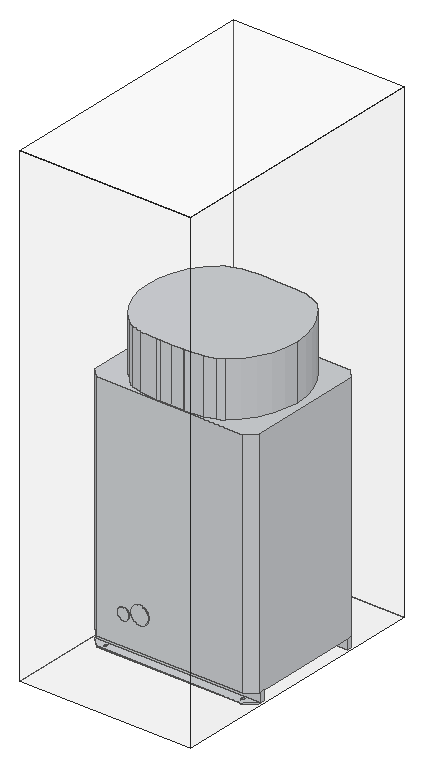
Revit family "puhy-p224_1400dmg7_60Hz", category 機械設備, Revit 2019
Family settings
  丸型コネクタ寸法 = 直径を使用
  パーツ タイプ = 標準
  OmniClass 番号 = 23.75.10.24.21.27.27
  OmniClass タイトル = Split System Air Conditioning Units
  作業面ベース = いいえ
  常に垂直 = はい
  ロード時にボイドで切り取り = いいえ
  共有 = いいえ
  部屋計算ポイント = いいえ
Parameters (values of type "PUHY-P224DMG7_タイプA")
  風量（m3／min） = 165
  風量 = MAX風量  # 9900.0 m³/h
  音響パワーレベル(dB) = 76.5
  電源種別 = ""
  電源位置2Y（ユニット3） = 121 mm
  電源位置2Y（ユニット2） = 121 mm
  電源位置2Y（ユニット1） = 121 mm
  電源位置2X（ユニット3） = 177 mm
  電源位置2X（ユニット2） = 177 mm
  電源位置2X（ユニット1） = 177 mm
  電源位置1Z（ユニット3） = 217 mm
  電源位置1Z（ユニット2） = 217 mm
  電源位置1Z（ユニット1） = 217 mm
  電源位置1X（ユニット3） = 201 mm
  電源位置1X（ユニット2） = 201 mm
  電源位置1X（ユニット1） = 201 mm
  電圧 = 200 V
  電動機出力_送風機 = 0.35 kW
  電動機出力_圧縮機 = 5.24 kW
  集中コントローラ [instance] = ""
  運転質量 = 0.00 kg
  運転方法 = "冷暖切替"
  質量 = if(製品質量 > 運転質量, 製品質量, 運転質量) * 1.2  # 202.80 kg
  負荷分類 = 1_熱源類
  説明 = "ビル用マルチエアコン　Y GR高効率シリーズ　室外機"
  設計暖房能力 [instance] = 0 kW
  設計冷房能力_顕熱 [instance] = 0 kW
  設計冷房能力 [instance] = 0 kW
  設置方法 = "床置形"
  記号 [instance] = ""
  製造元 = "三菱電機株式会社"
  製品質量 = 169.00 kg
  製品出荷対象 = "国内"
  製品リリース年月 = "2020/7/22"
  製品グループ = ""
  系統 [instance] = ""
  符号 = "EHP"
  積算_科目 = "1 空気調和設備"
  積算_拾い区分 [instance] = ""
  相 = 3
  盤記号 [instance] = ""
  発停方法 = "付属スイッチ"
  特殊仕様 [instance] = ""
  消費電力_暖房 = 6.4 kW
  消費電力_冷房 = 6.46 kW
  消費電力 = if(消費電力_冷房 > 消費電力_暖房, 消費電力_冷房, 消費電力_暖房)  # 6.46 kW
  法定耐用年数 = "15"
  極数 = 3
  材質 [instance] = ""
  本体マテリアル = none
  最小電線太さ_mm2 = 8
  最大電流値 = 0 A
  暖房能力 = 25 kW
  推奨ブレーカー容量 = 100 A
  据付ピッチ1 = 0 mm
  形式 = "マルチパッケージ形 室外機"
  幹線記号 [instance] = ""
  始動方式 = ""
  呼称 = "マルチパッケージ形空気調和機"
  周波数 = 60 Hz
  参照している仕様書等のバージョン = "公共建築工事標準仕様書（機械設備工事編）平成31年度版"
  分類コード = "50053003300020"
  分類グループ = ""
  冷房能力 = 22.4 kW
  冷媒管（液）位置2 (ユニット3) = 147 mm
  冷媒管（液）位置2 (ユニット2) = 147 mm
  冷媒管（液）位置1 (ユニット3） = 251 mm
  冷媒管（ガス）位置2 (ユニット3) = 137 mm
  冷媒管（ガス）位置2 (ユニット2) = 137 mm
  冷媒管（ガス）位置1 (ユニット3) = 83 mm
  冷媒管（ガス）位置1 (ユニット1) = 83 mm
  冷媒管（液）位置1 (ユニット1) = 251 mm
  冷媒管（液）位置2 (ユニット1) = 147 mm
  冷媒管（ガス）位置2 (ユニット1) = 137 mm
  冷媒管（ガス）位置1 (ユニット2) = 83 mm
  冷媒管（液）位置1 (ユニット2） = 251 mm
  冷媒管長 [instance] = 0 mm
  冷媒管径符号 = "Be"
  冷媒管径3 = 100.00 mm
  冷媒管径2 = 100.00 mm
  冷媒管径 = 100.00 mm
  冷媒管位置3 (ユニット3) = 242 mm
  冷媒管位置3 (ユニット2) = 242 mm
  冷媒管位置3 (ユニット1) = 242 mm
  冷媒管位置2 (ユニット3) = 142 mm
  冷媒管位置2 (ユニット2) = 142 mm
  冷媒管位置1 (ユニット2) = 292.5 mm
  冷媒管位置2 (ユニット1) = 142 mm
  冷媒管位置1 (ユニット3) = 292.5 mm
  冷媒管位置1 (ユニット1) = 292.5 mm
  冷媒液管径3 = 9.52 mm
  冷媒液管径2 = 9.52 mm
  冷媒液管径 = 9.52 mm
  冷媒ガス管径3 = 19.05 mm
  冷媒ガス管径2 = 19.05 mm
  冷媒ガス管径 = 19.05 mm
  企業コード = "108420"
  付属品 [instance] = ""
  仕様書バージョン = "Version1.0"
  ユニット隙間 = if(サービススペース_タイプA, 30 mm, 100 mm)  # 30 mm
  ユニット数 = 1
  ユニットタイプ3 = 筐体モジュール（高効率） : 224筐体
  ユニットタイプ2 = 筐体モジュール（高効率） : 224筐体
  ユニットタイプ1 = 筐体モジュール（高効率） : 224筐体
  ユニット3_S = no
  ユニット3_L = no
  ユニット3 = no
  ユニット2_S = no
  ユニット2_L = no
  ユニット2 = no
  ユニット1_S = no
  ユニット1_L = no
  モデル = "PUHY-P224DMG7"
  ドレン管径 = 0.00 mm
  サービススペース_タイプA = yes
  サービススペース = yes
  コメント [instance] = ""
  ケーブル種類 = ""
  ケーブルサイズ = 0 mm
  アンカーボルト位置Y（ユニット3） = 681 mm
  アンカーボルト位置Y（ユニット2） = 681 mm
  アンカーボルト位置Y（ユニット1） = 681 mm
  アンカーボルト位置X（ユニット3） = 760 mm
  アンカーボルト位置X（ユニット2） = 760 mm
  アンカーボルト位置X（ユニット1） = 760 mm
  Width3 = 920 mm
  Width2 = 920 mm
  Width1 = 920 mm
  Width = if(ユニット3, Width1 + Width2 + Width3 + 2 * ユニット隙間, if(ユニット2, Width1 + Width2 + 1 * ユニット隙間, Width1))  # 920 mm
  Version = ""
  Uniclass2015Version = "Systems v1.9"
  Uniclass2015Title = "Split coil remote air cooled condensing units"
  Uniclass2015Code = "Pr_70_65_03_84"
  URL = "https://www.mitsubishielectric.co.jp/ldg/wink/ssl/displayProduct.do?pid=307651"
  SpecificationReference = ""
  SpecificationDescription = ""
  Revision = ""
  ProductInformation = ""
  OmniClassCode = "23-75 10 24 21 27 27"
  MAX風量 = 風量（m3／min） * 60.0 m³/h  # 9900.0 m³/h
  IfcTypeProduct = ""
  IfcProduct = ""
  IfcExportType = "AIRCONDITIONINGUNIT"
  IfcExportAs = "IfcUnitaryEquipmentType"
  Height = 1650 mm
  Depth = 740 mm
  Clearance Top [instance] = if(サービススペース_タイプA, 1000 mm, 1000 mm)  # 1000 mm
  Clearance Right [instance] = if(サービススペース_タイプA, 15 mm, 50 mm)  # 15 mm
  Clearance Left [instance] = if(サービススペース_タイプA, 15 mm, 50 mm)  # 15 mm
  Clearance Front [instance] = if(サービススペース_タイプA, 450 mm, 450 mm)  # 450 mm
  Clearance Back [instance] = if(サービススペース_タイプA, 300 mm, 100 mm)  # 300 mm
  COP = 0
  Author = "三菱電機株式会社"
  APF = 5.5
Reference planes
  plane 1 "中心(正面/背面)": y = 0
  plane 2: z = 0
  plane 3 "中心(左/右)": x = 2230
  plane 4 "右": x = 2690
  plane 5 "左": x = 1770
  plane 6 "背面": y = 370
  plane 7 "正面": y = -370
  plane 8: z = 1347
  plane 9 "上部": z = 1650
  plane 10 "Clearanse Top": z = 2650
  plane 11: x = 162.5
  plane 12 "冷媒操作弁ガス芯2": y = -228
  plane 13 "冷媒操作弁液芯2": y = -228
  plane 14 "SS_back": y = 670
  plane 15 "SS_front": y = -820
  plane 16 "SS_left": x = 1755
  plane 17 "SS_right": x = 2705
  plane 18: x = 790
  plane 19: x = 820
  plane 20: x = 1740
  plane 21: x = 1770
  plane 22: x = -130
  plane 23: x = 1112.5
  plane 24: x = 2062.5
  plane 25: x = 330
  plane 26: x = 1280
  plane 27: x = 2230
  plane 28: z = 53
  plane 29: z = 242
  plane 30: y = -228
  plane 31: z = 54
  plane 32: z = 242
  plane 33: z = 242
  plane 34: x = 1947
  plane 35: x = 997
  plane 36: x = 47
  plane 37: x = 71
  plane 38: x = 1021
  plane 39: x = 1971
  plane 40: y = -249
  plane 41: y = -249
  plane 42: y = -249
  plane 43: z = 217
  plane 44: z = 217
  plane 45: z = 217
Forms (mm)
  Extrusion 1, solid, detail levels fine
    sketch origin (0, -370, 0) x (1, 0, 0) y (0, 0, 1)
      loop
        circle (2062.5, 242) r 50
    from 0 to 1
  Extrusion 2, solid, visible <- "ユニット2", detail levels fine
    sketch origin (0, -370, 0) x (1, 0, 0) y (0, 0, 1)
      loop
        circle (1112.5, 242) r 50
    from 0 to 1
  Extrusion 3, solid, visible <- "ユニット3", detail levels fine
    sketch origin (0, -370, 0) x (1, 0, 0) y (0, 0, 1)
      loop
        circle (162.5, 242) r 50
    from 0 to 1
  Extrusion 4, solid, detail levels fine
    sketch origin (-1437.329, -1524, 54) x (-1, 0, 0) y (0, -1, 0)
      loop
        circle (-3499.829, -1296) r 50
    from 0 to -1
  Extrusion 5, solid, visible <- "ユニット2", detail levels fine
    sketch origin (-1437.329, -1524, 54) x (-1, 0, 0) y (0, -1, 0)
      loop
        circle (-2549.829, -1296) r 50
    from 0 to -1
  Extrusion 6, solid, visible <- "ユニット3", detail levels fine
    sketch origin (-1437.329, -1524, 54) x (-1, 0, 0) y (0, -1, 0)
      loop
        circle (-1599.829, -1296) r 50
    from 0 to -1
  Extrusion 7, solid, detail levels fine
    sketch origin (-1437.329, -1524, 54) x (-1, 0, 0) y (0, -1, 0)
      loop
        circle (-3384.329, -1275) r 32.5
    from -1 to 0
  Extrusion 8, solid, visible <- "ユニット2", detail levels fine
    sketch origin (-1437.329, -1524, 54) x (-1, 0, 0) y (0, -1, 0)
      loop
        circle (-2434.329, -1275) r 32.5
    from -1 to 0
  Extrusion 9, solid, visible <- "ユニット3", detail levels fine
    sketch origin (-1437.329, -1524, 54) x (-1, 0, 0) y (0, -1, 0)
      loop
        circle (-1484.329, -1275) r 32.5
    from -1 to 0
  Extrusion 10, solid, detail levels fine
    sketch origin (0, -370, 0) x (1, 0, 0) y (0, 0, 1)
      loop
        circle (1971, 217) r 32.5
    from 0 to 1
  Extrusion 11, solid, visible <- "ユニット2", detail levels fine
    sketch origin (0, -370, 0) x (1, 0, 0) y (0, 0, 1)
      loop
        circle (1021, 217) r 32.5
    from 0 to 1
  Extrusion 12, solid, visible <- "ユニット3", detail levels fine
    sketch origin (0, -370, 0) x (1, 0, 0) y (0, 0, 1)
      loop
        circle (71, 217) r 32.5
    from 0 to 1
Lines and regions (mm)
  model lines, not visible
    curve 1: line (460, 178.667, 1289.179) -> (460, 297.73, 1289.179)
    curve 2: line (460, 178.667, 1056.056) -> (460, 178.667, 1289.179)
    curve 3: line (460, 297.73, 1056.056) -> (460, 178.667, 1056.056)
    curve 4: line (460, 297.73, 1289.179) -> (460, 297.73, 1056.056)
    curve 5: line (460, 47.598, 1289.179) -> (460, 166.661, 1289.179)
    curve 6: line (460, 47.598, 1056.056) -> (460, 47.598, 1289.179)
    curve 7: line (460, 166.661, 1056.056) -> (460, 47.598, 1056.056)
    curve 8: line (460, 166.661, 1289.179) -> (460, 166.661, 1056.056)
    curve 9: line (460, -83.471, 1289.179) -> (460, 35.592, 1289.179)
    curve 10: line (460, -83.471, 1056.056) -> (460, -83.471, 1289.179)
    curve 11: line (460, 35.592, 1056.056) -> (460, -83.471, 1056.056)
    curve 12: line (460, 35.592, 1289.179) -> (460, 35.592, 1056.056)
    curve 13: line (460, -150.779, 1289.179) -> (460, -95.75, 1289.179)
    curve 14: line (460, -150.779, 1056.056) -> (460, -150.779, 1289.179)
    curve 15: line (460, -95.75, 1056.056) -> (460, -150.779, 1056.056)
    curve 16: line (460, -95.75, 1289.179) -> (460, -95.75, 1056.056)
    curve 17: line (460, -150.779, 1283.175) -> (460, -132.596, 1283.175)
    curve 18: line (460, -150.779, 1062.059) -> (460, -150.779, 1283.175)
    curve 19: line (460, -132.596, 1062.059) -> (460, -150.779, 1062.059)
    curve 20: line (460, -132.596, 1283.175) -> (460, -132.596, 1062.059)
    curve 21: line (460, 178.667, 1046.051) -> (460, 297.73, 1046.051)
    curve 22: line (460, 178.667, 812.928) -> (460, 178.667, 1046.051)
    curve 23: line (460, 297.73, 812.928) -> (460, 178.667, 812.928)
    curve 24: line (460, 297.73, 1046.051) -> (460, 297.73, 812.928)
    curve 25: line (460, 47.598, 1046.051) -> (460, 166.661, 1046.051)
    curve 26: line (460, 47.598, 812.928) -> (460, 47.598, 1046.051)
    curve 27: line (460, 166.661, 812.928) -> (460, 47.598, 812.928)
    curve 28: line (460, 166.661, 1046.051) -> (460, 166.661, 812.928)
    curve 29: line (460, -83.471, 1046.051) -> (460, 35.592, 1046.051)
    curve 30: line (460, -83.471, 812.928) -> (460, -83.471, 1046.051)
    curve 31: line (460, 35.592, 812.928) -> (460, -83.471, 812.928)
    curve 32: line (460, 35.592, 1046.051) -> (460, 35.592, 812.928)
    curve 33: line (460, -150.779, 1046.051) -> (460, -95.75, 1046.051)
    curve 34: line (460, -150.779, 812.928) -> (460, -150.779, 1046.051)
    curve 35: line (460, -95.75, 812.928) -> (460, -150.779, 812.928)
    curve 36: line (460, -95.75, 1046.051) -> (460, -95.75, 812.928)
    curve 37: line (460, -150.779, 1040.048) -> (460, -132.596, 1040.048)
    curve 38: line (460, -150.779, 818.931) -> (460, -150.779, 1040.048)
    curve 39: line (460, -132.596, 818.931) -> (460, -150.779, 818.931)
    curve 40: line (460, -132.596, 1040.048) -> (460, -132.596, 818.931)
    curve 41: line (460, 178.667, 802.923) -> (460, 297.73, 802.923)
    curve 42: line (460, 178.667, 569.8) -> (460, 178.667, 802.923)
    curve 43: line (460, 297.73, 569.8) -> (460, 178.667, 569.8)
    curve 44: line (460, 297.73, 802.923) -> (460, 297.73, 569.8)
    curve 45: line (460, 47.598, 802.923) -> (460, 166.661, 802.923)
    curve 46: line (460, 47.598, 569.8) -> (460, 47.598, 802.923)
    curve 47: line (460, 166.661, 569.8) -> (460, 47.598, 569.8)
    curve 48: line (460, 166.661, 802.923) -> (460, 166.661, 569.8)
    curve 49: line (460, -83.471, 802.923) -> (460, 35.592, 802.923)
    curve 50: line (460, -83.471, 569.8) -> (460, -83.471, 802.923)
    curve 51: line (460, 35.592, 569.8) -> (460, -83.471, 569.8)
    curve 52: line (460, 35.592, 802.923) -> (460, 35.592, 569.8)
    curve 53: line (460, -150.779, 802.923) -> (460, -95.75, 802.923)
    curve 54: line (460, -150.779, 569.8) -> (460, -150.779, 802.923)
    curve 55: line (460, -95.75, 569.8) -> (460, -150.779, 569.8)
    curve 56: line (460, -95.75, 802.923) -> (460, -95.75, 569.8)
    curve 57: line (460, -150.779, 796.92) -> (460, -132.596, 796.92)
    curve 58: line (460, -150.779, 575.803) -> (460, -150.779, 796.92)
    curve 59: line (460, -132.596, 575.803) -> (460, -150.779, 575.803)
    curve 60: line (460, -132.596, 796.92) -> (460, -132.596, 575.803)
    curve 61: line (460, 178.667, 559.795) -> (460, 297.73, 559.795)
    curve 62: line (460, 178.667, 326.672) -> (460, 178.667, 559.795)
    curve 63: line (460, 297.73, 326.672) -> (460, 178.667, 326.672)
    curve 64: line (460, 297.73, 559.795) -> (460, 297.73, 326.672)
    curve 65: line (460, 47.598, 559.795) -> (460, 166.661, 559.795)
    curve 66: line (460, 47.598, 326.672) -> (460, 47.598, 559.795)
    curve 67: line (460, 166.661, 326.672) -> (460, 47.598, 326.672)
    curve 68: line (460, 166.661, 559.795) -> (460, 166.661, 326.672)
    curve 69: line (460, -83.471, 559.795) -> (460, 35.592, 559.795)
    curve 70: line (460, -83.471, 326.672) -> (460, -83.471, 559.795)
    curve 71: line (460, 35.592, 326.672) -> (460, -83.471, 326.672)
    curve 72: line (460, 35.592, 559.795) -> (460, 35.592, 326.672)
    curve 73: line (460, -150.779, 559.795) -> (460, -95.75, 559.795)
    curve 74: line (460, -150.779, 326.672) -> (460, -150.779, 559.795)
    curve 75: line (460, -95.75, 326.672) -> (460, -150.779, 326.672)
    curve 76: line (460, -95.75, 559.795) -> (460, -95.75, 326.672)
    curve 77: line (460, -150.779, 553.792) -> (460, -132.596, 553.792)
    curve 78: line (460, -150.779, 332.675) -> (460, -150.779, 553.792)
    curve 79: line (460, -132.596, 332.675) -> (460, -150.779, 332.675)
    curve 80: line (460, -132.596, 553.792) -> (460, -132.596, 332.675)
    curve 81: line (460, 178.667, 316.667) -> (460, 297.73, 316.667)
    curve 82: line (460, 178.667, 83.544) -> (460, 178.667, 316.667)
    curve 83: line (460, 297.73, 83.544) -> (460, 178.667, 83.544)
    curve 84: line (460, 297.73, 316.667) -> (460, 297.73, 83.544)
    curve 85: line (460, 47.598, 316.667) -> (460, 166.661, 316.667)
    curve 86: line (460, 47.598, 83.544) -> (460, 47.598, 316.667)
    curve 87: line (460, 166.661, 83.544) -> (460, 47.598, 83.544)
    curve 88: line (460, 166.661, 316.667) -> (460, 166.661, 83.544)
    curve 89: line (460, -83.471, 316.667) -> (460, 35.592, 316.667)
    curve 90: line (460, -83.471, 83.544) -> (460, -83.471, 316.667)
    curve 91: line (460, 35.592, 83.544) -> (460, -83.471, 83.544)
    curve 92: line (460, 35.592, 316.667) -> (460, 35.592, 83.544)
    curve 93: line (460, -150.779, 316.667) -> (460, -95.75, 316.667)
    curve 94: line (460, -150.779, 83.544) -> (460, -150.779, 316.667)
    curve 95: line (460, -95.75, 83.544) -> (460, -150.779, 83.544)
    curve 96: line (460, -95.75, 316.667) -> (460, -95.75, 83.544)
    curve 97: line (460, -150.779, 310.664) -> (460, -132.596, 310.664)
    curve 98: line (460, -150.779, 89.547) -> (460, -150.779, 310.664)
    curve 99: line (460, -132.596, 89.547) -> (460, -150.779, 89.547)
    curve 100: line (460, -132.596, 310.664) -> (460, -132.596, 89.547)
Dimensions and locks
  plane 8 to level = 1347 mm
  equal spacing: plane 7 "正面", plane 1 "中心(正面/背面)", plane 6 "背面", locked at 370 each
  "Depth": plane 7 "正面" to plane 6 "背面"
  "Width": plane 5 "左" to plane 4 "右"
  equal spacing: plane 5 "左", plane 3 "中心(左/右)", plane 4 "右"
  "冷媒管位置2 (ユニット3)": plane 7 "正面" to plane 13 "冷媒操作弁液芯2"
  "冷媒管位置2 (ユニット2)": plane 7 "正面" to plane 12 "冷媒操作弁ガス芯2"
  "Clearance Left": plane 16 "SS_left" to plane 5 "左"
  "Clearance Right": plane 4 "右" to plane 17 "SS_right"
  "Clearance Back": plane 6 "背面" to plane 14 "SS_back"
  "Clearance Front": plane 15 "SS_front" to plane 7 "正面"
  "Clearance Top": plane 10 "Clearanse Top" to plane 9 "上部"
  "Height": plane 9 "上部" to plane 2
  plane 9 "上部" to plane 8 = 303 mm
  "ユニット隙間": plane 18 to plane 19
  "Width2": plane 19 to plane 20
  "ユニット隙間": plane 20 to plane 21
  "Width3": plane 22 to plane 18
  "Width1": plane 21 to plane 4 "右"
  "冷媒管位置1 (ユニット2)": plane 19 to plane 23
  "冷媒管位置1 (ユニット1)": plane 21 to plane 24
  "冷媒管位置1 (ユニット3)": plane 22 to plane 11
  equal spacing: plane 22, plane 25, plane 18
  equal spacing: plane 19, plane 26, plane 20
  equal spacing: plane 21, plane 27, plane 4 "右"
  "冷媒管位置2 (ユニット1)": plane 7 "正面" to plane 30
  plane 31 to level = 54 mm
  "冷媒管位置3 (ユニット1)": plane 29 to level
  locked: plane 31 to plane 28 at 1
  "冷媒管位置3 (ユニット2)": plane 32 to level
  "冷媒管位置3 (ユニット3)": plane 33 to level
  "電源位置2X（ユニット3）": plane 22 to plane 36
  "電源位置2X（ユニット2）": plane 19 to plane 35
  "電源位置2X（ユニット1）": plane 21 to plane 34
  "電源位置2Y（ユニット1）": plane 7 "正面" to plane 40
  "電源位置2Y（ユニット2）": plane 7 "正面" to plane 41
  "電源位置2Y（ユニット3）": plane 7 "正面" to plane 42
  "電源位置1X（ユニット1）": plane 39 to plane 21
  "電源位置1X（ユニット2）": plane 38 to plane 19
  "電源位置1X（ユニット3）": plane 37 to plane 22
  "電源位置1Z（ユニット1）": plane 45 to level
  "電源位置1Z（ユニット2）": plane 44 to level
  "電源位置1Z（ユニット3）": plane 43 to level
  "冷媒管径": diameter of Extrusion 1 sketch curve
  "冷媒管径2": diameter of Extrusion 2 sketch curve
  "冷媒管径3": diameter of Extrusion 3 sketch curve
  "冷媒管径": diameter of Extrusion 4 sketch curve
  "冷媒管径2": diameter of Extrusion 5 sketch curve
  "冷媒管径3": diameter of Extrusion 6 sketch curve
  radius of Extrusion 7 sketch curve = 32.5 mm
  radius of Extrusion 8 sketch curve = 32.5 mm
  radius of Extrusion 9 sketch curve = 32.5 mm
  radius of Extrusion 10 sketch curve = 32.5 mm
  radius of Extrusion 11 sketch curve = 32.5 mm
  radius of Extrusion 12 sketch curve = 32.5 mm
  aligned and locked: level to plane 2
  aligned and locked: plane 14 "SS_back" to nested 1  (x2)
  aligned and locked: plane 17 "SS_right" to nested 1
  aligned and locked: plane 16 "SS_left" to nested 1  (x2)
  aligned and locked: nested 1 to plane 17 "SS_right"
  aligned and locked: plane 15 "SS_front" to nested 1
  aligned and locked: plane 1 "中心(正面/背面)" to nested 2
  aligned and locked: plane 10 "Clearanse Top" to nested 1
  aligned and locked: nested 1 to plane 2
  aligned and locked: plane 6 "背面" to nested 4
  aligned and locked: plane 7 "正面" to nested 4
  aligned and locked: plane 25 to nested 2
  aligned and locked: plane 26 to nested 3
  aligned and locked: plane 27 to nested 4
  aligned and locked: plane 1 "中心(正面/背面)" to nested 4
  aligned and locked: plane 1 "中心(正面/背面)" to nested 3
  aligned and locked: plane 29 to Extrusion 1 sketch curve
  aligned and locked: plane 24 to Extrusion 1 sketch curve
  aligned and locked: plane 23 to Extrusion 2 sketch curve
  aligned and locked: plane 11 to Extrusion 3 sketch curve
  aligned and locked: plane 30 to Extrusion 4 sketch curve
  aligned and locked: plane 24 to Extrusion 4 sketch curve
  aligned and locked: plane 12 "冷媒操作弁ガス芯2" to Extrusion 5 sketch curve
  aligned and locked: plane 23 to Extrusion 5 sketch curve
  aligned and locked: plane 13 "冷媒操作弁液芯2" to Extrusion 6 sketch curve
  aligned and locked: plane 11 to Extrusion 6 sketch curve
  aligned and locked: plane 32 to Extrusion 2 sketch curve
  aligned and locked: plane 33 to Extrusion 3 sketch curve
  aligned and locked: plane 40 to Extrusion 7 sketch curve
  aligned and locked: plane 34 to Extrusion 7 sketch curve
  aligned and locked: plane 41 to Extrusion 8 sketch curve
  aligned and locked: plane 35 to Extrusion 8 sketch curve
  aligned and locked: plane 36 to Extrusion 9 sketch curve
  aligned and locked: plane 42 to Extrusion 9 sketch curve
  aligned and locked: plane 31 to Extrusion 9
  aligned and locked: Extrusion 9 to plane 28
  aligned and locked: plane 31 to Extrusion 8
  aligned and locked: Extrusion 8 to plane 28
  aligned and locked: plane 31 to Extrusion 7
  aligned and locked: Extrusion 7 to plane 28
  aligned and locked: plane 45 to Extrusion 10 sketch curve
  aligned and locked: plane 39 to Extrusion 10 sketch curve
  aligned and locked: plane 44 to Extrusion 11 sketch curve
  aligned and locked: plane 38 to Extrusion 11 sketch curve
  aligned and locked: plane 43 to Extrusion 12 sketch curve
  aligned and locked: plane 37 to Extrusion 12 sketch curve
  aligned and locked: Extrusion 10 to plane 7 "正面"
  aligned and locked: Extrusion 10 to Extrusion 1
  aligned and locked: Extrusion 11 to plane 7 "正面"
  aligned and locked: Extrusion 11 to Extrusion 2
  aligned and locked: Extrusion 12 to plane 7 "正面"
  aligned and locked: Extrusion 12 to Extrusion 3
Nested families
  nested 1: "サービススペース" at (2230, -75, 1325), visible <- "サービススペース", type "サービススペース"
    with Width 950 mm, Height 2650 mm, Depth 1490 mm
  nested 2: "筐体モジュール（高効率）" at (330, 0, 0), 冷媒ガス管径 <- "冷媒ガス管径3", 冷媒液管径 <- "冷媒液管径3", Width <- "Width3", Depth <- "Depth", Height <- "Height", type <- "ユニットタイプ3", 冷媒ガス_X <- "冷媒管（ガス）位置1 (ユニット3)", 冷媒ガス_Y <- "冷媒管（ガス）位置2 (ユニット3)", 冷媒液_X <- "冷媒管（液）位置1 (ユニット3）", 冷媒液_Y <- "冷媒管（液）位置2 (ユニット3)", 冷媒管径 <- "冷媒管径3", 冷媒管径_X <- "冷媒管位置1 (ユニット3)", 冷媒管径_Y <- "冷媒管位置2 (ユニット3)", 冷媒管径_Z <- "冷媒管位置3 (ユニット3)", ユニット234X <- "ユニット3", ユニット2 <- "ユニット3", type "224筐体"
    with 冷媒管径_Z 242 mm, 冷媒管径_Y 142 mm, 冷媒管径_X 292.5 mm, 冷媒管径 100 mm, 冷媒液管径 9.52 mm, 冷媒液_Z 123 mm, 冷媒液_Y 147 mm, 冷媒液_X 251 mm, 冷媒ガス管径 19.05 mm, 冷媒ガス_Z 172 mm, 冷媒ガス_Y 137 mm, 冷媒ガス_X 83 mm, ユニット234X no, ユニット2 no, Width 920 mm, Height 1650 mm, Depth 740 mm
  nested 3: "筐体モジュール（高効率）" at (1280, 0, 0), 冷媒ガス管径 <- "冷媒ガス管径2", 冷媒液管径 <- "冷媒液管径2", Width <- "Width2", Depth <- "Depth", Height <- "Height", type <- "ユニットタイプ2", 冷媒ガス_X <- "冷媒管（ガス）位置1 (ユニット2)", 冷媒ガス_Y <- "冷媒管（ガス）位置2 (ユニット2)", 冷媒液_X <- "冷媒管（液）位置1 (ユニット2）", 冷媒液_Y <- "冷媒管（液）位置2 (ユニット2)", 冷媒管径 <- "冷媒管径2", 冷媒管径_X <- "冷媒管位置1 (ユニット2)", 冷媒管径_Y <- "冷媒管位置2 (ユニット2)", 冷媒管径_Z <- "冷媒管位置3 (ユニット2)", ユニット2 <- "ユニット2", type "224筐体"
    with 冷媒管径_Z 242 mm, 冷媒管径_Y 142 mm, 冷媒管径_X 292.5 mm, 冷媒管径 100 mm, 冷媒液管径 9.52 mm, 冷媒液_Z 262 mm, 冷媒液_Y 147 mm, 冷媒液_X 251 mm, 冷媒ガス管径 19.05 mm, 冷媒ガス_Z 222 mm, 冷媒ガス_Y 137 mm, 冷媒ガス_X 83 mm, ユニット234X no, ユニット2 no, Width 920 mm, Height 1650 mm, Depth 740 mm
  nested 4: "筐体モジュール（高効率）" at (2230, 0, 0), 冷媒ガス管径 <- "冷媒ガス管径", 冷媒液管径 <- "冷媒液管径", Depth <- "Depth", Height <- "Height", Width <- "Width1", type <- "ユニットタイプ1", 冷媒ガス_X <- "冷媒管（ガス）位置1 (ユニット1)", 冷媒ガス_Y <- "冷媒管（ガス）位置2 (ユニット1)", 冷媒液_X <- "冷媒管（液）位置1 (ユニット1)", 冷媒液_Y <- "冷媒管（液）位置2 (ユニット1)", 冷媒管径 <- "冷媒管径", 冷媒管径_X <- "冷媒管位置1 (ユニット1)", 冷媒管径_Y <- "冷媒管位置2 (ユニット1)", 冷媒管径_Z <- "冷媒管位置3 (ユニット1)", type "224筐体"
    with 冷媒管径_Z 242 mm, 冷媒管径_Y 142 mm, 冷媒管径_X 292.5 mm, 冷媒管径 100 mm, 冷媒液管径 9.52 mm, 冷媒液_Z 262 mm, 冷媒液_Y 147 mm, 冷媒液_X 251 mm, 冷媒ガス管径 19.05 mm, 冷媒ガス_Z 222 mm, 冷媒ガス_Y 137 mm, 冷媒ガス_X 83 mm, ユニット234X yes, ユニット2 yes, Width 920 mm, Height 1650 mm, Depth 740 mm
Connectors
  piping at (162.5, -228, 53), diameter 100, driven by "冷媒管径3", driven by "冷媒管径符号"
    settings: on Extrusion 6, index 6, connector inside diameter 609.60 mm, connector length 0 mm, flow factor 0, pipe flow 0.0 L/s, pressure drop 0.0 Pa, fitting loss kfactor 0, connector angle 0.00°, fixture units 0, engagement length 0 mm, angle of deflection 0.00°, flow configuration 1, flow direction 2, fitting loss method 4, system type 7, joint type 0, gender type 0, connector reference index -1, connector utility 0, adjustable connector no, is connector primary yes, connector description "Be"
  piping at (2062.5, -228, 53), diameter 100, driven by "冷媒管径", driven by "冷媒管径符号"
    settings: on Extrusion 4, index 7, connector inside diameter 609.60 mm, connector length 0 mm, flow factor 0, pipe flow 0.0 L/s, pressure drop 0.0 Pa, fitting loss kfactor 0, connector angle 0.00°, fixture units 0, engagement length 0 mm, angle of deflection 0.00°, flow configuration 1, flow direction 2, fitting loss method 4, system type 7, joint type 0, gender type 0, connector reference index -1, connector utility 0, adjustable connector no, is connector primary no, connector description "Be"
  piping at (1112.5, -228, 53), diameter 100, driven by "冷媒管径2", driven by "冷媒管径符号"
    settings: on Extrusion 5, index 8, connector inside diameter 609.60 mm, connector length 0 mm, flow factor 0, pipe flow 0.0 L/s, pressure drop 0.0 Pa, fitting loss kfactor 0, connector angle 0.00°, fixture units 0, engagement length 0 mm, angle of deflection 0.00°, flow configuration 1, flow direction 2, fitting loss method 4, system type 7, joint type 0, gender type 0, connector reference index -1, connector utility 0, adjustable connector no, is connector primary no, connector description "Be"
  piping at (162.5, -371, 242), diameter 100, driven by "冷媒管径3", driven by "冷媒管径符号"
    settings: on Extrusion 3, index 9, connector inside diameter 609.60 mm, connector length 0 mm, flow factor 0, pipe flow 0.0 L/s, pressure drop 0.0 Pa, fitting loss kfactor 0, connector angle 0.00°, fixture units 0, engagement length 0 mm, angle of deflection 0.00°, flow configuration 1, flow direction 2, fitting loss method 4, system type 7, joint type 0, gender type 0, connector reference index -1, connector utility 0, adjustable connector no, is connector primary no, connector description "Be"
  piping at (1112.5, -371, 242), diameter 100, driven by "冷媒管径2", driven by "冷媒管径符号"
    settings: on Extrusion 2, index 10, connector inside diameter 609.60 mm, connector length 0 mm, flow factor 0, pipe flow 0.0 L/s, pressure drop 0.0 Pa, fitting loss kfactor 0, connector angle 0.00°, fixture units 0, engagement length 0 mm, angle of deflection 0.00°, flow configuration 1, flow direction 2, fitting loss method 4, system type 7, joint type 0, gender type 0, connector reference index -1, connector utility 0, adjustable connector no, is connector primary no, connector description "Be"
  piping at (2062.5, -371, 242), diameter 100, driven by "冷媒管径", driven by "冷媒管径符号"
    settings: on Extrusion 1, index 11, connector inside diameter 609.60 mm, connector length 0 mm, flow factor 0, pipe flow 0.0 L/s, pressure drop 0.0 Pa, fitting loss kfactor 0, connector angle 0.00°, fixture units 0, engagement length 0 mm, angle of deflection 0.00°, flow configuration 1, flow direction 2, fitting loss method 4, system type 7, joint type 0, gender type 0, connector reference index -1, connector utility 0, adjustable connector no, is connector primary no, connector description "Be"
  electrical at (1971, -371, 217), driven by "極数", driven by "負荷分類", driven by "電圧", driven by "消費電力"
    settings: on Extrusion 10, index 12, voltage 200 V, apparent load 6460 VA, apparent load phase1 0 VA, apparent load phase2 0 VA, apparent load phase3 0 VA, power factor 1, load classification "1_熱源類", number of poles 3, system type 30, power factor state 1, is connector primary yes, connector utility no, sub classification motor no, connector description ""
  electrical at (1021, -371, 217), driven by "極数", driven by "負荷分類", driven by "電圧", driven by "消費電力"
    settings: on Extrusion 11, index 13, voltage 200 V, apparent load 6460 VA, apparent load phase1 0 VA, apparent load phase2 0 VA, apparent load phase3 0 VA, power factor 1, load classification "1_熱源類", number of poles 3, system type 30, power factor state 1, is connector primary no, connector utility no, sub classification motor no, connector description ""
  electrical at (71, -371, 217), driven by "極数", driven by "負荷分類", driven by "電圧", driven by "消費電力"
    settings: on Extrusion 12, index 14, voltage 200 V, apparent load 6460 VA, apparent load phase1 0 VA, apparent load phase2 0 VA, apparent load phase3 0 VA, power factor 1, load classification "1_熱源類", number of poles 3, system type 30, power factor state 1, is connector primary no, connector utility no, sub classification motor no, connector description ""
  electrical at (47, -249, 53), driven by "極数", driven by "負荷分類", driven by "電圧", driven by "消費電力"
    settings: on Extrusion 9, index 15, voltage 200 V, apparent load 6460 VA, apparent load phase1 0 VA, apparent load phase2 0 VA, apparent load phase3 0 VA, power factor 1, load classification "1_熱源類", number of poles 3, system type 30, power factor state 1, is connector primary no, connector utility no, sub classification motor no, connector description ""
  electrical at (997, -249, 53), driven by "極数", driven by "負荷分類", driven by "電圧", driven by "消費電力"
    settings: on Extrusion 8, index 16, voltage 200 V, apparent load 6460 VA, apparent load phase1 0 VA, apparent load phase2 0 VA, apparent load phase3 0 VA, power factor 1, load classification "1_熱源類", number of poles 3, system type 30, power factor state 1, is connector primary no, connector utility no, sub classification motor no, connector description ""
  electrical at (1947, -249, 53), driven by "極数", driven by "負荷分類", driven by "電圧", driven by "消費電力"
    settings: on Extrusion 7, index 17, voltage 200 V, apparent load 6460 VA, apparent load phase1 0 VA, apparent load phase2 0 VA, apparent load phase3 0 VA, power factor 1, load classification "1_熱源類", number of poles 3, system type 30, power factor state 1, is connector primary no, connector utility no, sub classification motor no, connector description ""
Definition of nested family "サービススペース"
  Parameters (values of type "サービススペース")
    Width [instance] = 500 mm
    Height [instance] = 500 mm
    Depth [instance] = 500 mm
  Reference planes
    plane 1 "中心(正面/背面)": y = 0
    plane 2: z = 0
    plane 3 "中心(左/右)": x = 0
    plane 4: y = -250
    plane 5: x = 250
    plane 6: y = 250
    plane 7: x = -250
    plane 8: z = 250
    plane 9: z = -250
  Forms (mm)
    Extrusion 1, solid
      sketch origin (-638.939, 0, 72.39) x (1, 0, 0) y (0, 1, 0)
        loop
          line (388.939, 250) -> (388.939, -250) -> (888.939, -250) -> (888.939, 250) -> (388.939, 250)
      from -322.39 to 177.61
  Lines and regions (mm)
    symbolic lines
      curve 1: line (-250, 0, 250) -> (250, 0, 250)
      curve 2: line (-250, 0, -250) -> (-250, 0, 250)
      curve 3: line (250, 0, -250) -> (-250, 0, -250)
      curve 4: line (250, 0, 250) -> (250, 0, -250)
      curve 5: line (0, -250, 250) -> (0, 250, 250)
      curve 6: line (0, -250, -250) -> (0, -250, 250)
      curve 7: line (0, 250, -250) -> (0, -250, -250)
      curve 8: line (0, 250, 250) -> (0, 250, -250)
      curve 9: line (-250, 250, 0) -> (250, 250, 0)
      curve 10: line (-250, -250, 0) -> (-250, 250, 0)
      curve 11: line (250, -250, 0) -> (-250, -250, 0)
      curve 12: line (250, 250, 0) -> (250, -250, 0)
  Dimensions and locks
    equal spacing: plane 7, plane 3 "中心(左/右)", plane 5
    equal spacing: plane 4, plane 1 "中心(正面/背面)", plane 6
    "Depth": plane 4 to plane 6
    "Width": plane 7 to plane 5
    equal spacing: plane 8, plane 2, plane 9
    "Height": plane 8 to plane 9
    aligned and locked: plane 9 to curve 3
    aligned and locked: plane 7 to curve 2
    aligned and locked: curve 4 to plane 5
    aligned and locked: plane 5 to Extrusion 1
    aligned and locked: Extrusion 1 to plane 7
    aligned and locked: Extrusion 1 to plane 9
    aligned and locked: plane 8 to Extrusion 1
    aligned and locked: plane 9 to curve 7
  Automatic sketch dimensions
    plane 4 to Extrusion 1 sketch curve = 0 mm
    Extrusion 1 sketch curve to plane 7 = 0 mm
    Extrusion 1 sketch curve to plane 5 = 0 mm
    plane 6 to Extrusion 1 sketch curve = 0 mm
    curve 2 to plane 8 = 0 mm
    plane 4 to curve 11 = 0 mm
    curve 11 to plane 7 = 0 mm
    curve 11 to plane 5 = 0 mm
    plane 6 to curve 10 = 0 mm
    curve 7 to plane 4 = 0 mm
    curve 7 to plane 6 = 0 mm
    curve 6 to plane 8 = 0 mm
Definition of nested family "筐体モジュール（高効率）"
  Parameters (values of type "224筐体")
    冷媒管径_Z [instance] = 242 mm
    冷媒管径_Y [instance] = 142 mm
    冷媒管径_X [instance] = 292.5 mm
    冷媒管径 [instance] = 100 mm
    冷媒液管径 [instance] = 9.52 mm
    冷媒液_Z [instance] = 262 mm
    冷媒液_Y [instance] = 147 mm
    冷媒液_X [instance] = 251 mm
    冷媒ガス管径 [instance] = 19.05 mm
    冷媒ガス_Z [instance] = 222 mm
    冷媒ガス_Y [instance] = 137 mm
    冷媒ガス_X [instance] = 83 mm
    ユニット234X [instance] = and(ユニット2, or(Width = 920 mm, Width = 1220 mm))  # yes
    ユニット2 [instance] = yes
    Width [instance] = 920 mm
    W = 920 mm
    Height [instance] = 1650 mm
    Depth [instance] = 740 mm
  Types (5, lengths in mm): name | 冷媒管径_Z | 冷媒管径_Y | 冷媒管径_X | 冷媒液管径 | 冷媒液_Z | 冷媒液_Y | 冷媒液_X | 冷媒ガス管径 | 冷媒ガス_Z | 冷媒ガス_Y | Width | W
    335筐体 | 197.5 | 144 | 292.5 | 9.52 | 223 | 143 | 251 | 25.4 | 172 | 145 | 920 | 920
    224筐体 | 242 | 142 | 292.5 | 9.52 | 262 | 147 | 251 | 19.05 | 222 | 137 | 920 | 920
    280筐体 | 197 | 146 | 292.5 | 9.52 | 222 | 147 | 251 | 22.2 | 172 | 145 | 920 | 920
    400筐体 | 197.5 | 144 | 342.5 | 12.7 | 223 | 143 | 301 | 25.4 | 172 | 145 | 1220 | 1220
    450筐体 | 205 | 144.5 | 342.5 | 12.7 | 238 | 144 | 301 | 28.58 | 172 | 145 | 1220 | 1220
  Reference planes
    plane 1 "中心(正面/背面)": y = 0
    plane 2: z = 0
    plane 3 "中心(左/右)": x = 0
    plane 4: y = -370
    plane 5: x = 460
    plane 6: y = 370
    plane 7: x = -460
    plane 8: z = 1347
    plane 9: z = 1650
    plane 10: y = -313
    plane 11: y = -293
    plane 12 "本体下部": z = 54
    plane 13: y = 370
    plane 14: y = 313
    plane 15: y = 293
    plane 16: y = 340.5
    plane 17: x = -380
    plane 18: x = 380
    plane 19: y = -340.5
    plane 20 "電源高さ": z = 262
    plane 21: x = -167.5
    plane 22 "冷媒操作弁液芯1": x = -209
    plane 23 "冷媒操作弁ガス芯1": x = -126
    plane 24 "冷媒管高さ": z = 242
    plane 25 "冷媒操作弁ガス芯4": z = 53
    plane 26: x = -460
    plane 27: x = 460
    plane 28: y = -233
    plane 29: y = -223
    plane 30: z = 222
    plane 31: y = -228
  Forms (mm)
    Extrusion 1, solid, visible <- "ユニット234X", detail levels fine
      sketch origin (0, 0, 0) x (1, 0, 0) y (0, 1, 0)
        loop
          line (-408.343, 370) -> (-460, 318.843) -> (-460, -318.843) -> (-408.343, -370) -> (408.343, -370) -> (460, -318.843) -> (460, 318.843) -> (408.343, 370) -> (-408.343, 370)
      from 54 to 1347
    Extrusion 2, solid, visible <- "ユニット234X", detail levels fine
      sketch origin (0, 0, 0) x (1, 0, 0) y (0, 1, 0)
        loop
          line (-460, -293) -> (-460, -313) -> (460, -313) -> (460, -293) -> (-460, -293)
      from 0 to 54
    Extrusion 3, solid, visible <- "ユニット234X", detail levels fine
      sketch origin (0, 0, 0) x (1, 0, 0) y (0, 1, 0)
        loop
          line (-460, 293) -> (460, 293) -> (460, 313) -> (-460, 313) -> (-460, 293)
      from 0 to 54
    Extrusion 4, solid, visible <- "ユニット234X", detail levels fine
      sketch origin (0, 0, 0) x (1, 0, 0) y (0, 1, 0)
        loop
          line (-460, 313) -> (460, 313) -> (460, 318.843) -> (408.343, 370) -> (-408.343, 370) -> (-460, 318.843) -> (-460, 313)
        loop
          arc (-373, 343.5) -> (-380, 350.5) -> (-387, 343.5) r 7
          line (-387, 343.5) -> (-387, 337.5)
          arc (-387, 337.5) -> (-380, 330.5) -> (-373, 337.5) r 7
          line (-373, 337.5) -> (-373, 343.5)
        loop
          arc (387, 343.5) -> (380, 350.5) -> (373, 343.5) r 7
          line (373, 343.5) -> (373, 337.5)
          arc (373, 337.5) -> (380, 330.5) -> (387, 337.5) r 7
          line (387, 337.5) -> (387, 343.5)
      from 0 to 2
    Extrusion 5, solid, visible <- "ユニット234X", detail levels fine
      sketch origin (0, 0, 0) x (1, 0, 0) y (0, 1, 0)
        loop
          line (-460, -313) -> (-460, -318.843) -> (-408.343, -370) -> (408.343, -370) -> (460, -318.843) -> (460, -313) -> (-460, -313)
        loop
          line (-373, -343.5) -> (-373, -337.5)
          arc (-373, -337.5) -> (-380, -330.5) -> (-387, -337.5) r 7
          line (-387, -337.5) -> (-387, -343.5)
          arc (-387, -343.5) -> (-380, -350.5) -> (-373, -343.5) r 7
        loop
          line (387, -343.5) -> (387, -337.5)
          arc (387, -337.5) -> (380, -330.5) -> (373, -337.5) r 7
          line (373, -337.5) -> (373, -343.5)
          arc (373, -343.5) -> (380, -350.5) -> (387, -343.5) r 7
      from 0 to 2
    Extrusion 6, solid, visible <- "ユニット234X", detail levels fine
      sketch origin (-299.5, 0, -2.5) x (1, 0, 0) y (0, 0, 1)
        loop
          circle (132, 244.5) r 50
      from 370 to 371
    Extrusion 7, solid, visible <- "ユニット234X", detail levels fine
      sketch origin (0, 0, 0) x (1, 0, 0) y (0, 1, 0)
        loop
          arc (-268.081, 316.106) -> (-376.101, 174.18) -> (-414.476, 0) r 414.476
          arc (-414.476, 0) -> (-376.101, -174.18) -> (-268.081, -316.106) r 414.476
          arc (-268.081, -316.106) -> (-250.84, -327.278) -> (-232.369, -336.274) r 168.924
          arc (-232.369, -336.274) -> (-204.68, -346.28) -> (-176.163, -353.601) r 308.609
          arc (-176.163, -353.601) -> (-128.058, -361) -> (-79.445, -363.367) r 468.429
          arc (-79.445, -363.367) -> (-71.906, -363.425) -> (-64.372, -363.142) r 167.153
          line (-64.372, -363.142) -> (0, -363.142) -> (64.372, -363.142)
          arc (64.372, -363.142) -> (71.906, -363.425) -> (79.445, -363.367) r 167.153
          arc (79.445, -363.367) -> (128.058, -361) -> (176.163, -353.601) r 468.429
          arc (176.163, -353.601) -> (204.68, -346.28) -> (232.369, -336.274) r 308.609
          arc (232.369, -336.274) -> (250.84, -327.278) -> (268.081, -316.106) r 168.924
          arc (268.081, -316.106) -> (376.101, -174.18) -> (414.476, 0) r 414.476
          arc (414.476, 0) -> (376.101, 174.18) -> (268.082, 316.106) r 414.476
          arc (268.082, 316.106) -> (250.84, 327.278) -> (232.369, 336.274) r 168.924
          arc (232.369, 336.274) -> (204.68, 346.28) -> (176.163, 353.601) r 308.609
          arc (176.163, 353.601) -> (128.058, 361) -> (79.445, 363.367) r 468.429
          line (79.445, 363.367) -> (0, 363.367) -> (-79.445, 363.367)
          arc (-79.445, 363.367) -> (-128.058, 361) -> (-176.163, 353.601) r 468.429
          arc (-176.163, 353.601) -> (-204.68, 346.28) -> (-232.369, 336.274) r 308.609
          arc (-232.369, 336.274) -> (-250.974, 327.516) -> (-268.081, 316.106) r 138.853
      from 1347 to 1650
    Extrusion 8, solid, visible <- "ユニット234X", detail levels fine
      sketch origin (0, 0, 0) x (1, 0, 0) y (0, 1, 0)
        loop
          circle (-167.5, -228) r 50
      from 53 to 54
    Extrusion 9, solid, visible <- "ユニット234X", detail levels fine
      sketch origin (0, 0, 0) x (1, 0, 0) y (0, 1, 0)
        loop
          circle (-209, -223) r 4.76
      from 53 to 54
    Extrusion 10, solid, visible <- "ユニット234X", detail levels fine
      sketch origin (0, 0, 0) x (1, 0, 0) y (0, 1, 0)
        loop
          circle (-126, -233) r 9.525
      from 53 to 54
  Lines and regions (mm)
    Masking region 1, visible <- "ユニット234X", detail levels coarse+medium
      outline origin (0, 0, 0) x (1, 0, 0) y (0, 1, 0)
        loop
          line (-408.343, 370) -> (-460, 318.843) -> (-460, -318.843) -> (-408.343, -370) -> (408.343, -370) -> (460, -318.843) -> (460, 318.843) -> (408.343, 370) -> (-408.343, 370)
    model lines, visible <- "ユニット234X", detail levels fine
      curve 1: line (460, 178.667, 1289.179) -> (460, 297.73, 1289.179)
      curve 2: line (460, 178.667, 1056.056) -> (460, 178.667, 1289.179)
      curve 3: line (460, 297.73, 1056.056) -> (460, 178.667, 1056.056)
      curve 4: line (460, 297.73, 1289.179) -> (460, 297.73, 1056.056)
      curve 5: line (460, 47.598, 1289.179) -> (460, 166.661, 1289.179)
      curve 6: line (460, 47.598, 1056.056) -> (460, 47.598, 1289.179)
      curve 7: line (460, 166.661, 1056.056) -> (460, 47.598, 1056.056)
      curve 8: line (460, 166.661, 1289.179) -> (460, 166.661, 1056.056)
      curve 9: line (460, -83.471, 1289.179) -> (460, 35.592, 1289.179)
      curve 10: line (460, -83.471, 1056.056) -> (460, -83.471, 1289.179)
      curve 11: line (460, 35.592, 1056.056) -> (460, -83.471, 1056.056)
      curve 12: line (460, 35.592, 1289.179) -> (460, 35.592, 1056.056)
      curve 13: line (460, -150.779, 1289.179) -> (460, -95.75, 1289.179)
      curve 14: line (460, -150.779, 1056.056) -> (460, -150.779, 1289.179)
      curve 15: line (460, -95.75, 1056.056) -> (460, -150.779, 1056.056)
      curve 16: line (460, -95.75, 1289.179) -> (460, -95.75, 1056.056)
      curve 17: line (460, -150.779, 1283.175) -> (460, -132.596, 1283.175)
      curve 18: line (460, -150.779, 1062.059) -> (460, -150.779, 1283.175)
      curve 19: line (460, -132.596, 1062.059) -> (460, -150.779, 1062.059)
      curve 20: line (460, -132.596, 1283.175) -> (460, -132.596, 1062.059)
      curve 21: line (460, 178.667, 1046.051) -> (460, 297.73, 1046.051)
      curve 22: line (460, 178.667, 812.928) -> (460, 178.667, 1046.051)
      curve 23: line (460, 297.73, 812.928) -> (460, 178.667, 812.928)
      curve 24: line (460, 297.73, 1046.051) -> (460, 297.73, 812.928)
      curve 25: line (460, 47.598, 1046.051) -> (460, 166.661, 1046.051)
      curve 26: line (460, 47.598, 812.928) -> (460, 47.598, 1046.051)
      curve 27: line (460, 166.661, 812.928) -> (460, 47.598, 812.928)
      curve 28: line (460, 166.661, 1046.051) -> (460, 166.661, 812.928)
      curve 29: line (460, -83.471, 1046.051) -> (460, 35.592, 1046.051)
      curve 30: line (460, -83.471, 812.928) -> (460, -83.471, 1046.051)
      curve 31: line (460, 35.592, 812.928) -> (460, -83.471, 812.928)
      curve 32: line (460, 35.592, 1046.051) -> (460, 35.592, 812.928)
      curve 33: line (460, -150.779, 1046.051) -> (460, -95.75, 1046.051)
      curve 34: line (460, -150.779, 812.928) -> (460, -150.779, 1046.051)
      curve 35: line (460, -95.75, 812.928) -> (460, -150.779, 812.928)
      curve 36: line (460, -95.75, 1046.051) -> (460, -95.75, 812.928)
      curve 37: line (460, -150.779, 1040.048) -> (460, -132.596, 1040.048)
      curve 38: line (460, -150.779, 818.931) -> (460, -150.779, 1040.048)
      curve 39: line (460, -132.596, 818.931) -> (460, -150.779, 818.931)
      curve 40: line (460, -132.596, 1040.048) -> (460, -132.596, 818.931)
      curve 41: line (460, 178.667, 802.923) -> (460, 297.73, 802.923)
      curve 42: line (460, 178.667, 569.8) -> (460, 178.667, 802.923)
      curve 43: line (460, 297.73, 569.8) -> (460, 178.667, 569.8)
      curve 44: line (460, 297.73, 802.923) -> (460, 297.73, 569.8)
      curve 45: line (460, 47.598, 802.923) -> (460, 166.661, 802.923)
      curve 46: line (460, 47.598, 569.8) -> (460, 47.598, 802.923)
      curve 47: line (460, 166.661, 569.8) -> (460, 47.598, 569.8)
      curve 48: line (460, 166.661, 802.923) -> (460, 166.661, 569.8)
      curve 49: line (460, -83.471, 802.923) -> (460, 35.592, 802.923)
      curve 50: line (460, -83.471, 569.8) -> (460, -83.471, 802.923)
      curve 51: line (460, 35.592, 569.8) -> (460, -83.471, 569.8)
      curve 52: line (460, 35.592, 802.923) -> (460, 35.592, 569.8)
      curve 53: line (460, -150.779, 802.923) -> (460, -95.75, 802.923)
      curve 54: line (460, -150.779, 569.8) -> (460, -150.779, 802.923)
      curve 55: line (460, -95.75, 569.8) -> (460, -150.779, 569.8)
      curve 56: line (460, -95.75, 802.923) -> (460, -95.75, 569.8)
      curve 57: line (460, -150.779, 796.92) -> (460, -132.596, 796.92)
      curve 58: line (460, -150.779, 575.803) -> (460, -150.779, 796.92)
      curve 59: line (460, -132.596, 575.803) -> (460, -150.779, 575.803)
      curve 60: line (460, -132.596, 796.92) -> (460, -132.596, 575.803)
      curve 61: line (460, 178.667, 559.795) -> (460, 297.73, 559.795)
      curve 62: line (460, 178.667, 326.672) -> (460, 178.667, 559.795)
      curve 63: line (460, 297.73, 326.672) -> (460, 178.667, 326.672)
      curve 64: line (460, 297.73, 559.795) -> (460, 297.73, 326.672)
      curve 65: line (460, 47.598, 559.795) -> (460, 166.661, 559.795)
      curve 66: line (460, 47.598, 326.672) -> (460, 47.598, 559.795)
      curve 67: line (460, 166.661, 326.672) -> (460, 47.598, 326.672)
      curve 68: line (460, 166.661, 559.795) -> (460, 166.661, 326.672)
      curve 69: line (460, -83.471, 559.795) -> (460, 35.592, 559.795)
      curve 70: line (460, -83.471, 326.672) -> (460, -83.471, 559.795)
      curve 71: line (460, 35.592, 326.672) -> (460, -83.471, 326.672)
      curve 72: line (460, 35.592, 559.795) -> (460, 35.592, 326.672)
      curve 73: line (460, -150.779, 559.795) -> (460, -95.75, 559.795)
      curve 74: line (460, -150.779, 326.672) -> (460, -150.779, 559.795)
      curve 75: line (460, -95.75, 326.672) -> (460, -150.779, 326.672)
      curve 76: line (460, -95.75, 559.795) -> (460, -95.75, 326.672)
      curve 77: line (460, -150.779, 553.792) -> (460, -132.596, 553.792)
      curve 78: line (460, -150.779, 332.675) -> (460, -150.779, 553.792)
      curve 79: line (460, -132.596, 332.675) -> (460, -150.779, 332.675)
      curve 80: line (460, -132.596, 553.792) -> (460, -132.596, 332.675)
      curve 81: line (460, 178.667, 316.667) -> (460, 297.73, 316.667)
      curve 82: line (460, 178.667, 83.544) -> (460, 178.667, 316.667)
      curve 83: line (460, 297.73, 83.544) -> (460, 178.667, 83.544)
      curve 84: line (460, 297.73, 316.667) -> (460, 297.73, 83.544)
      curve 85: line (460, 47.598, 316.667) -> (460, 166.661, 316.667)
      curve 86: line (460, 47.598, 83.544) -> (460, 47.598, 316.667)
      curve 87: line (460, 166.661, 83.544) -> (460, 47.598, 83.544)
      curve 88: line (460, 166.661, 316.667) -> (460, 166.661, 83.544)
      curve 89: line (460, -83.471, 316.667) -> (460, 35.592, 316.667)
      curve 90: line (460, -83.471, 83.544) -> (460, -83.471, 316.667)
      curve 91: line (460, 35.592, 83.544) -> (460, -83.471, 83.544)
      curve 92: line (460, 35.592, 316.667) -> (460, 35.592, 83.544)
      curve 93: line (460, -150.779, 316.667) -> (460, -95.75, 316.667)
      curve 94: line (460, -150.779, 83.544) -> (460, -150.779, 316.667)
      curve 95: line (460, -95.75, 83.544) -> (460, -150.779, 83.544)
      curve 96: line (460, -95.75, 316.667) -> (460, -95.75, 83.544)
      curve 97: line (460, -150.779, 310.664) -> (460, -132.596, 310.664)
      curve 98: line (460, -150.779, 89.547) -> (460, -150.779, 310.664)
      curve 99: line (460, -132.596, 89.547) -> (460, -150.779, 89.547)
      curve 100: line (460, -132.596, 310.664) -> (460, -132.596, 89.547)
      curve 101: line (-460, 178.667, 1289.179) -> (-460, 297.73, 1289.179)
      curve 102: line (-460, 178.667, 1056.056) -> (-460, 178.667, 1289.179)
      curve 103: line (-460, 297.73, 1056.056) -> (-460, 178.667, 1056.056)
      curve 104: line (-460, 297.73, 1289.179) -> (-460, 297.73, 1056.056)
      curve 105: line (-460, 47.598, 1289.179) -> (-460, 166.661, 1289.179)
      curve 106: line (-460, 47.598, 1056.056) -> (-460, 47.598, 1289.179)
      curve 107: line (-460, 166.661, 1056.056) -> (-460, 47.598, 1056.056)
      curve 108: line (-460, 166.661, 1289.179) -> (-460, 166.661, 1056.056)
      curve 109: line (-460, -83.471, 1289.179) -> (-460, 35.592, 1289.179)
      curve 110: line (-460, -83.471, 1056.056) -> (-460, -83.471, 1289.179)
      curve 111: line (-460, 35.592, 1056.056) -> (-460, -83.471, 1056.056)
      curve 112: line (-460, 35.592, 1289.179) -> (-460, 35.592, 1056.056)
      curve 113: line (-460, -150.779, 1289.179) -> (-460, -95.75, 1289.179)
      curve 114: line (-460, -150.779, 1056.056) -> (-460, -150.779, 1289.179)
      curve 115: line (-460, -95.75, 1056.056) -> (-460, -150.779, 1056.056)
      curve 116: line (-460, -95.75, 1289.179) -> (-460, -95.75, 1056.056)
      curve 117: line (-460, -150.779, 1283.175) -> (-460, -132.596, 1283.175)
      curve 118: line (-460, -150.779, 1062.059) -> (-460, -150.779, 1283.175)
      curve 119: line (-460, -132.596, 1062.059) -> (-460, -150.779, 1062.059)
      curve 120: line (-460, -132.596, 1283.175) -> (-460, -132.596, 1062.059)
      curve 121: line (-460, 178.667, 1046.051) -> (-460, 297.73, 1046.051)
      curve 122: line (-460, 178.667, 812.928) -> (-460, 178.667, 1046.051)
      curve 123: line (-460, 297.73, 812.928) -> (-460, 178.667, 812.928)
      curve 124: line (-460, 297.73, 1046.051) -> (-460, 297.73, 812.928)
      curve 125: line (-460, 47.598, 1046.051) -> (-460, 166.661, 1046.051)
      curve 126: line (-460, 47.598, 812.928) -> (-460, 47.598, 1046.051)
      curve 127: line (-460, 166.661, 812.928) -> (-460, 47.598, 812.928)
      curve 128: line (-460, 166.661, 1046.051) -> (-460, 166.661, 812.928)
      curve 129: line (-460, -83.471, 1046.051) -> (-460, 35.592, 1046.051)
      curve 130: line (-460, -83.471, 812.928) -> (-460, -83.471, 1046.051)
      curve 131: line (-460, 35.592, 812.928) -> (-460, -83.471, 812.928)
      curve 132: line (-460, 35.592, 1046.051) -> (-460, 35.592, 812.928)
      curve 133: line (-460, -150.779, 1046.051) -> (-460, -95.75, 1046.051)
      curve 134: line (-460, -150.779, 812.928) -> (-460, -150.779, 1046.051)
      curve 135: line (-460, -95.75, 812.928) -> (-460, -150.779, 812.928)
      curve 136: line (-460, -95.75, 1046.051) -> (-460, -95.75, 812.928)
      curve 137: line (-460, -150.779, 1040.048) -> (-460, -132.596, 1040.048)
      curve 138: line (-460, -150.779, 818.931) -> (-460, -150.779, 1040.048)
      curve 139: line (-460, -132.596, 818.931) -> (-460, -150.779, 818.931)
      curve 140: line (-460, -132.596, 1040.048) -> (-460, -132.596, 818.931)
      curve 141: line (-460, 178.667, 802.923) -> (-460, 297.73, 802.923)
      curve 142: line (-460, 178.667, 569.8) -> (-460, 178.667, 802.923)
      curve 143: line (-460, 297.73, 569.8) -> (-460, 178.667, 569.8)
      curve 144: line (-460, 297.73, 802.923) -> (-460, 297.73, 569.8)
      curve 145: line (-460, 47.598, 802.923) -> (-460, 166.661, 802.923)
      curve 146: line (-460, 47.598, 569.8) -> (-460, 47.598, 802.923)
      curve 147: line (-460, 166.661, 569.8) -> (-460, 47.598, 569.8)
      curve 148: line (-460, 166.661, 802.923) -> (-460, 166.661, 569.8)
      curve 149: line (-460, -83.471, 802.923) -> (-460, 35.592, 802.923)
      curve 150: line (-460, -83.471, 569.8) -> (-460, -83.471, 802.923)
      curve 151: line (-460, 35.592, 569.8) -> (-460, -83.471, 569.8)
      curve 152: line (-460, 35.592, 802.923) -> (-460, 35.592, 569.8)
      curve 153: line (-460, -150.779, 802.923) -> (-460, -95.75, 802.923)
      curve 154: line (-460, -150.779, 569.8) -> (-460, -150.779, 802.923)
      curve 155: line (-460, -95.75, 569.8) -> (-460, -150.779, 569.8)
      curve 156: line (-460, -95.75, 802.923) -> (-460, -95.75, 569.8)
      curve 157: line (-460, -150.779, 796.92) -> (-460, -132.596, 796.92)
      curve 158: line (-460, -150.779, 575.803) -> (-460, -150.779, 796.92)
      curve 159: line (-460, -132.596, 575.803) -> (-460, -150.779, 575.803)
      curve 160: line (-460, -132.596, 796.92) -> (-460, -132.596, 575.803)
      curve 161: line (-460, 178.667, 559.795) -> (-460, 297.73, 559.795)
      curve 162: line (-460, 178.667, 326.672) -> (-460, 178.667, 559.795)
      curve 163: line (-460, 297.73, 326.672) -> (-460, 178.667, 326.672)
      curve 164: line (-460, 297.73, 559.795) -> (-460, 297.73, 326.672)
      curve 165: line (-460, 47.598, 559.795) -> (-460, 166.661, 559.795)
      curve 166: line (-460, 47.598, 326.672) -> (-460, 47.598, 559.795)
      curve 167: line (-460, 166.661, 326.672) -> (-460, 47.598, 326.672)
      curve 168: line (-460, 166.661, 559.795) -> (-460, 166.661, 326.672)
      curve 169: line (-460, -83.471, 559.795) -> (-460, 35.592, 559.795)
      curve 170: line (-460, -83.471, 326.672) -> (-460, -83.471, 559.795)
      curve 171: line (-460, 35.592, 326.672) -> (-460, -83.471, 326.672)
      curve 172: line (-460, 35.592, 559.795) -> (-460, 35.592, 326.672)
      curve 173: line (-460, -150.779, 559.795) -> (-460, -95.75, 559.795)
      curve 174: line (-460, -150.779, 326.672) -> (-460, -150.779, 559.795)
      curve 175: line (-460, -95.75, 326.672) -> (-460, -150.779, 326.672)
      curve 176: line (-460, -95.75, 559.795) -> (-460, -95.75, 326.672)
      curve 177: line (-460, -150.779, 553.792) -> (-460, -132.596, 553.792)
      curve 178: line (-460, -150.779, 332.675) -> (-460, -150.779, 553.792)
      curve 179: line (-460, -132.596, 332.675) -> (-460, -150.779, 332.675)
      curve 180: line (-460, -132.596, 553.792) -> (-460, -132.596, 332.675)
      curve 181: line (-460, 178.667, 316.667) -> (-460, 297.73, 316.667)
      curve 182: line (-460, 178.667, 83.544) -> (-460, 178.667, 316.667)
      curve 183: line (-460, 297.73, 83.544) -> (-460, 178.667, 83.544)
      curve 184: line (-460, 297.73, 316.667) -> (-460, 297.73, 83.544)
      curve 185: line (-460, 47.598, 316.667) -> (-460, 166.661, 316.667)
      curve 186: line (-460, 47.598, 83.544) -> (-460, 47.598, 316.667)
      curve 187: line (-460, 166.661, 83.544) -> (-460, 47.598, 83.544)
      curve 188: line (-460, 166.661, 316.667) -> (-460, 166.661, 83.544)
      curve 189: line (-460, -83.471, 316.667) -> (-460, 35.592, 316.667)
      curve 190: line (-460, -83.471, 83.544) -> (-460, -83.471, 316.667)
      curve 191: line (-460, 35.592, 83.544) -> (-460, -83.471, 83.544)
      curve 192: line (-460, 35.592, 316.667) -> (-460, 35.592, 83.544)
      curve 193: line (-460, -150.779, 316.667) -> (-460, -95.75, 316.667)
      curve 194: line (-460, -150.779, 83.544) -> (-460, -150.779, 316.667)
      curve 195: line (-460, -95.75, 83.544) -> (-460, -150.779, 83.544)
      curve 196: line (-460, -95.75, 316.667) -> (-460, -95.75, 83.544)
      curve 197: line (-460, -150.779, 310.664) -> (-460, -132.596, 310.664)
      curve 198: line (-460, -150.779, 89.547) -> (-460, -150.779, 310.664)
      curve 199: line (-460, -132.596, 89.547) -> (-460, -150.779, 89.547)
      curve 200: line (-460, -132.596, 310.664) -> (-460, -132.596, 89.547)
    model lines, visible <- "ユニット234X", not visible, detail levels fine
      curve 201: line (460, 178.667, 1289.179) -> (460, 297.73, 1289.179)
      curve 202: line (460, 178.667, 1056.056) -> (460, 178.667, 1289.179)
      curve 203: line (460, 297.73, 1056.056) -> (460, 178.667, 1056.056)
      curve 204: line (460, 297.73, 1289.179) -> (460, 297.73, 1056.056)
      curve 205: line (460, 47.598, 1289.179) -> (460, 166.661, 1289.179)
      curve 206: line (460, 47.598, 1056.056) -> (460, 47.598, 1289.179)
      curve 207: line (460, 166.661, 1056.056) -> (460, 47.598, 1056.056)
      curve 208: line (460, 166.661, 1289.179) -> (460, 166.661, 1056.056)
      curve 209: line (460, -83.471, 1289.179) -> (460, 35.592, 1289.179)
      curve 210: line (460, -83.471, 1056.056) -> (460, -83.471, 1289.179)
      curve 211: line (460, 35.592, 1056.056) -> (460, -83.471, 1056.056)
      curve 212: line (460, 35.592, 1289.179) -> (460, 35.592, 1056.056)
      curve 213: line (460, -150.779, 1289.179) -> (460, -95.75, 1289.179)
      curve 214: line (460, -150.779, 1056.056) -> (460, -150.779, 1289.179)
      curve 215: line (460, -95.75, 1056.056) -> (460, -150.779, 1056.056)
      curve 216: line (460, -95.75, 1289.179) -> (460, -95.75, 1056.056)
      curve 217: line (460, -150.779, 1283.175) -> (460, -132.596, 1283.175)
      curve 218: line (460, -150.779, 1062.059) -> (460, -150.779, 1283.175)
      curve 219: line (460, -132.596, 1062.059) -> (460, -150.779, 1062.059)
      curve 220: line (460, -132.596, 1283.175) -> (460, -132.596, 1062.059)
      curve 221: line (460, 178.667, 1046.051) -> (460, 297.73, 1046.051)
      curve 222: line (460, 178.667, 812.928) -> (460, 178.667, 1046.051)
      curve 223: line (460, 297.73, 812.928) -> (460, 178.667, 812.928)
      curve 224: line (460, 297.73, 1046.051) -> (460, 297.73, 812.928)
      curve 225: line (460, 47.598, 1046.051) -> (460, 166.661, 1046.051)
      curve 226: line (460, 47.598, 812.928) -> (460, 47.598, 1046.051)
      curve 227: line (460, 166.661, 812.928) -> (460, 47.598, 812.928)
      curve 228: line (460, 166.661, 1046.051) -> (460, 166.661, 812.928)
      curve 229: line (460, -83.471, 1046.051) -> (460, 35.592, 1046.051)
      curve 230: line (460, -83.471, 812.928) -> (460, -83.471, 1046.051)
      curve 231: line (460, 35.592, 812.928) -> (460, -83.471, 812.928)
      curve 232: line (460, 35.592, 1046.051) -> (460, 35.592, 812.928)
      curve 233: line (460, -150.779, 1046.051) -> (460, -95.75, 1046.051)
      curve 234: line (460, -150.779, 812.928) -> (460, -150.779, 1046.051)
      curve 235: line (460, -95.75, 812.928) -> (460, -150.779, 812.928)
      curve 236: line (460, -95.75, 1046.051) -> (460, -95.75, 812.928)
